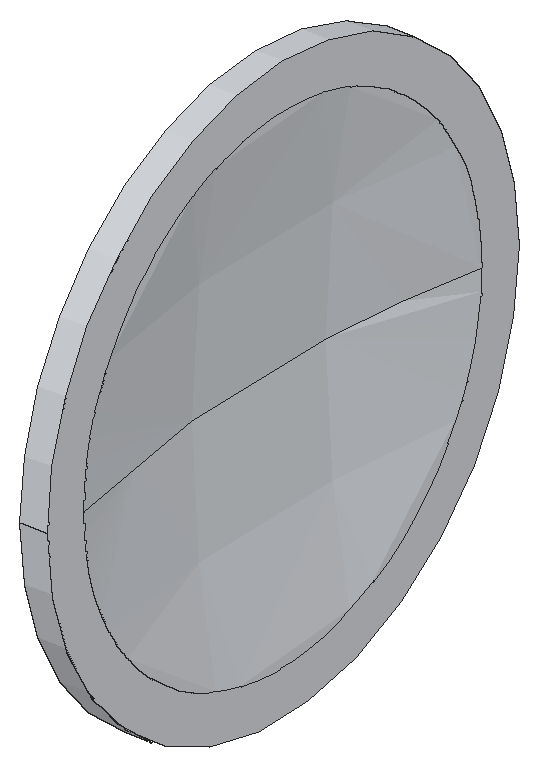
Revit family "7af2c9e0d79d47a49851859f76a9eeb4", category Pipe Fittings, Revit 2021
Family settings
  Round Connector Dimension = Use Radius
  Part Type = Cap
  OmniClass Number = 23.60.30.11.14
  OmniClass Title = Pipework Fittings
  Seek Item ID = Cap - PVC - Sch 40-0000-USA-ENU
  Work Plane-Based = No
  Always vertical = Yes
  Cut with Voids When Loaded = No
  Shared = No
Parameters (values of type "Standard")
  Nominal Radius [instance] = 15.0000"
  Nominal Diameter [instance] = Nominal Radius * 2  # 30.0000"
  Loss Method = Not Defined
  Socket Outside Radius [instance] = Socket Outside Diameter / 2  # 16.7500"
  Socket Outside Diameter [instance] = size_lookup(Lookup Table Name, "SOD", 1.08 * Nominal Diameter + 1.12109", Nominal Diameter)  # 33.5000"
  Lookup Table Name = "Plug Dished - MJ - GI - Class 150"
  Length 1 [instance] = (((Socket Outside Radius * Socket Outside Radius) / Gland Width) - Gland Width) / 2  # 76.59845"
  Default Elevation = 0.0000"
  Bevel Length [instance] = size_lookup(Lookup Table Name, "BvLgt", 0.04 * Nominal Diameter + 0.4300", Nominal Diameter)  # 1.5000"
  Gland Width [instance] = size_lookup(Lookup Table Name, "GWid", 0.03 * Nominal Diameter + 0.9400", Nominal Diameter)  # 1.8100"
  Gland Outside Radius [instance] = Gland Outside Diameter / 2  # 19.5600"
  Gland Outside Diameter [instance] = size_lookup(Lookup Table Name, "GOD", 1.16 * Nominal Diameter + 4.0300", Nominal Diameter)  # 39.1200"
Reference planes (in)
  plane 1 "Center (Front/Back)": y = 0
  plane 2: z = 0
  plane 3 "Center (Left/Right)": x = 0
  plane 4: x = 3.31
  plane 5: y = 16.75
  plane 6: y = -16.75
  plane 7: x = 1.5
  plane 8: x = 78.09845
Forms (in)
  Extrusion 1, solid, detail levels fine
    sketch origin (0, 0, 0) x (0, 1, 0) y (0, 0, 1)
      loop
        circle (0, 0) r 16.75
    from 0 to 1.5
  Extrusion 2, solid, detail levels fine
    sketch origin (0, 0, 0) x (0, 1, 0) y (0, 0, 1)
      loop
        circle (0, 0) r 19.56
    from 1.5 to 3.31
  Revolve 3, void
    sketch origin (0, 0, 0) x (1, 0, 0) y (0, 1, 0)
      loop
        line (78.09845, -76.59845) -> (78.09845, 76.59845)
        arc (78.09845, 76.59845) -> (1.5, 0) -> (78.09845, -76.59845) r 76.59845
      axis (78.09845, 76.59845) -> (78.09845, -76.59845)
    angle from 0 to 360
Cuts and joins
  Revolve 3 cuts Extrusion 2
  joined: Extrusion 1, Extrusion 2
Lines and regions (in)
  model lines, detail levels coarse+medium
    curve 1: line (0, 16.75, 0) -> (3.31, 16.75, 0)
    curve 2: line (3.31, 16.75, 0) -> (3.31, -16.75, 0)
    curve 3: line (3.31, -16.75, 0) -> (0, -16.75, 0)
Dimensions and locks (in)
  "Socket Outside Radius": plane 1 "Center (Front/Back)" to plane 5
  "Socket Outside Radius": plane 6 to plane 1 "Center (Front/Back)"
  "Gland Width": plane 7 to plane 4
  "Bevel Length": plane 3 "Center (Left/Right)" to plane 7
  "Length 1": plane 7 to plane 8
  "Socket Outside Radius": radius of Extrusion 1 sketch curve
  "Gland Outside Radius": radius of Extrusion 2 sketch curve
  "Length 1": radius of Revolve 3 sketch curve
  aligned and locked: curve 2 to plane 4
  aligned and locked: plane 3 "Center (Left/Right)" to curve 1
  aligned and locked: plane 3 "Center (Left/Right)" to curve 3
  aligned and locked: curve 1 to plane 5
  aligned and locked: curve 3 to plane 6
  aligned and locked: plane 1 "Center (Front/Back)" to Extrusion 1 sketch curve
  aligned and locked: plane 2 to Extrusion 1 sketch curve
  aligned and locked: Extrusion 1 to plane 3 "Center (Left/Right)"
  aligned and locked: Extrusion 1 to plane 7
  aligned and locked: Extrusion 2 to plane 7
  aligned and locked: Extrusion 2 to plane 4
  aligned and locked: plane 2 to Extrusion 2 sketch curve
  aligned and locked: plane 1 "Center (Front/Back)" to Extrusion 2 sketch curve
  aligned and locked: Revolve 3 sketch curve to plane 8  (x2)
  aligned and locked: plane 1 "Center (Front/Back)" to Revolve 3 sketch curve
  aligned and locked: plane 8 to Revolve 3 sketch curve
Automatic sketch dimensions
  Revolve 3 sketch curve to Revolve 3 sketch curve = 2.91868"
  Revolve 3 sketch curve to Revolve 3 sketch curve = 2.01868"
Connectors (in)
  piping at (0, 0, 0), diameter 30, driven by "Nominal Radius"
    settings: on Extrusion 1, index 1, connector inside diameter 30.0000", connector length 0.0000", flow factor 0, pipe flow 0 GPM, pressure drop 0.00 psi, fitting loss kfactor 0, connector angle 0.00°, fixture units 0, engagement length 0.0000", angle of deflection 0.00°, flow configuration 0, flow direction 0, fitting loss method 0, system type 28, joint type 0, gender type 0, connector reference index -1, connector utility 0, adjustable connector no, is connector primary yes, connector description ""
